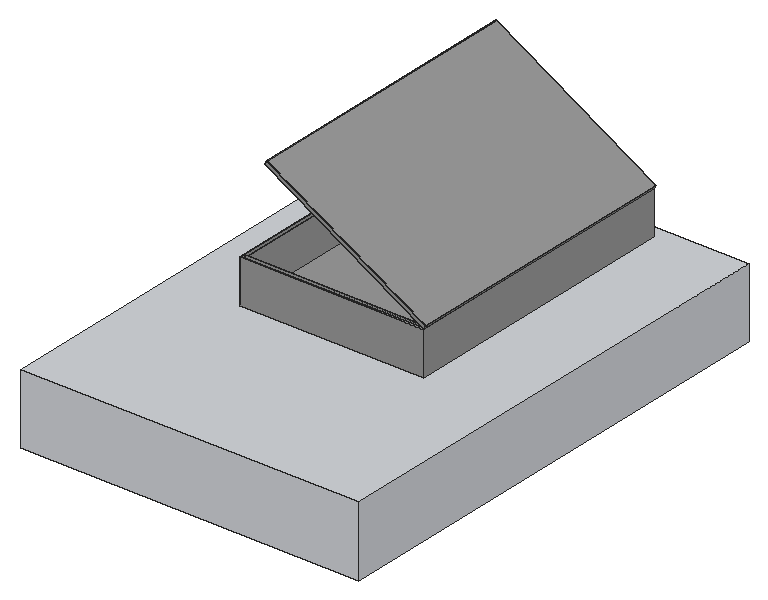
Revit family "Hager-Univers-IP44-D205-H1250-Cl.II-Encl-CH-en", category Equipement électrique, Revit 2020
Family settings
  Hôte = Face
  Configuration du panneau = Deux colonnes, circuits au sein
  Cote de connecteur circulaire = Utiliser le diamètre
  Type d'élément = Tableau de raccordement
  Couper avec des vides une fois chargée = Non
  Partagée = Non
  Point de calcul de pièce = Non
Parameters (values of type "Surface mounted (plaster) IP44 W800 H1250 D205  - FP83QS")
  Width Control [instance] = if([EF000008 - Width] > Min Width, [EF000008 - Width], Min Width)  # 800 mm
  Commentaires du type = [HG000003 - Range]  # "Univers"
  Thickness Door [instance] = if([EF009171 - Material plate thickness door/cover] > 3 mm, 3 mm, [EF009171 - Material plate thickness door/cover])  # 1 mm
  Seal Frame Offset [instance] = 17 mm  # constant formula
  Plinth Visibility [instance] = [HG000027 - Plinth height] > 0 mm  # no
  Model = ""
  Min Width [instance] = 100 mm  # constant formula
  Min Height [instance] = 100 mm  # constant formula
  Min Depth [instance] = (2 * [EF009170 - Material plate thickness cabinet]) + 1 mm  # 3 mm
  Internal Frame Depth [instance] = (Door System Depth * 0.5)  # 9 mm
  Height Control [instance] = if([EF000040 - Height] > Min Height, [EF000040 - Height], Min Height)  # 1250 mm
  HG000027 - Plinth height = 0 mm
  HG000026 - Floor standing = no
  HG000024 - Bottom section height = 800 mm
  HG000023 - Double section enclosure = no
  HG000016 - Door 3d visibility [instance] = yes
  HG000015 - Clearance visibility [instance] = no
  HG000014 - Door on the right [instance] = yes
  HG000013 - Door on the left [instance] = not([HG000014 - Door on the right])  # no
  HG000012 - Door swing angle [instance] = 30.00°
  HG000010 - Asymmetric doors = no
  HG000009 - Double swing door = no
  HG000006 - Flush mounted = no
  HG000004 - Manufacturer reference = "FP83QS"
  HG000003 - Range = "Univers"
  HG000002 - With door or cover = yes
  Frame Offset Bottom [instance] = 10 mm  # constant formula
  Frame Offset [instance] = 15 mm  # constant formula
  EF015940 - Cover with overpressure release = no
  EF011959 - Degree of protection (NEMA) = ""
  EF009554 - Number of openings for flange plates = 6
  EF009212 - Cover model = "EV000116 - Closed"
  EF009171 - Material plate thickness door/cover = 1 mm
  EF009170 - Material plate thickness cabinet = 1 mm
  Fabricant = "Hager"  # constant formula
  EF008873 - Nominal current (In) = 250 A
  EF007800 - Suitable for lightning protection = no
  EF006306 - With lock = no
  EF006244 - Transparent cover/door = no
  EF005474 - Degree of protection (IP) = "EV006418 - IP44"
  EF004464 - Type of door = "EV002646 - Single"
  EF004427 - Number of modules = 288
  EF004293 - Impact strength = "EV006815 - IK09"
  EF003532 - Suitable for outdoor use = no
  EF002950 - Width in number of modular spacings = 36
  EF001613 - Circuit integrity = "EV000494 - None"
  EF001596 - Material housing = "EV000179 - Steel"
  EF001131 - Internal depth = 143 mm
  EF001088 - Extension possible = yes
  EF000437 - Number of conduit inlets = 6
  EF000339 - Type of cover = "EV001012 - Cover"
  EF000266 - Number of rows = 8
  EF000218 - Built-in depth = 0 mm
  EF000118 - With mounting plate = no
  EF000116 - RAL-number = "9010"
  EF000049 - Depth = 205 mm
  EF000040 - Height = 1250 mm
  EF000008 - Width = 800 mm
  EF000007 - Colour = "EV000202 - White"
  EF000003 - Mounting method = "EV000384 - Surface mounted (plaster)"
  Door System Leaf Tolerance [instance] = 1.5 mm  # constant formula
  Door System Depth [instance] = 18 mm  # constant formula
  Door Height [instance] = Height Control - [HG000027 - Plinth height]  # 1250 mm
  Depth Control [instance] = if([EF000049 - Depth] > Min Depth, [EF000049 - Depth], Min Depth)  # 205 mm
  Default Elevation = 0 mm
  Connector Offset [instance] = Height Control / 2  # 625 mm
  Bottom Top Plate Trim [instance] = 1.5 mm  # constant formula
  Plinth height Ctrl [instance] = if([HG000027 - Plinth height] > 0 mm, [HG000027 - Plinth height], 12 mm)  # 12 mm
Types (5, lengths in mm): name | Width Control | HG000009 - Double swing door | HG000004 - Manufacturer reference | EF009554 - Number of openings for flange plates | EF004464 - Type of door | EF004427 - Number of modules | EF002950 - Width in number of modular spacings | EF000437 - Number of conduit inlets | EF000008 - Width
  Surface mounted (plaster) IP44 W1050 H1250 D205  - FP84QS | 1050 | yes | "FP84QS" | 8 | "EV003602 - Double" | 384 | 48 | 8 | 1050
  Surface mounted (plaster) IP44 W1300 H1250 D205  - FP85QS | 1300 | yes | "FP85QS" | 10 | "EV003602 - Double" | 480 | 60 | 10 | 1300
  Surface mounted (plaster) IP44 W300 H1250 D205  - FP81QS | 300 | no | "FP81QS" | 2 | "EV002646 - Single" | 96 | 12 | 2 | 300
  Surface mounted (plaster) IP44 W550 H1250 D205  - FP82QS | 550 | no | "FP82QS" | 4 | "EV002646 - Single" | 192 | 24 | 4 | 550
  Surface mounted (plaster) IP44 W800 H1250 D205  - FP83QS | 800 | no | "FP83QS" | 6 | "EV002646 - Single" | 288 | 36 | 6 | 800
Reference planes
  plane 1 "Center (Front/Back)": y = 0
  plane 2: z = 0
  plane 3 "Center (Left/Right)": x = 0
  plane 4: z = 205
  plane 5: y = 1
  plane 6: y = 625
  plane 7: y = 0
  plane 8: y = 1250
  plane 9: z = 0
  plane 10: x = -385
  plane 11: x = 385
  plane 12: x = 384
  plane 13: x = -384
  plane 14: y = 1249
  plane 15: x = -383
  plane 16: x = -400
  plane 17: x = 383
  plane 18: x = 400
  plane 19: x = 399
  plane 20: x = -399
  plane 21: y = 11
  plane 22: y = 1250
  plane 23: y = 1234
  plane 24: z = 187
  plane 25: z = 1
  plane 26: z = 186
  plane 27: z = 204
Forms (mm)
  Extrusion 1, solid
    sketch origin (0, 0, 0) x (1, 0, 0) y (0, 1, 0)
      loop
        line (-702.964, 1305) -> (-702.964, -811.445) -> (766.763, -811.445) -> (766.763, 1305) -> (-702.964, 1305)
    from 0 to -304.8
  Extrusion 2, solid, material "Hager_Steel_RAL7035_Light_Grey", visible <- "Plinth Visibility", detail levels medium+fine
    sketch origin (0, 0, 0) x (1, 0, 0) y (0, 1, 0)
      loop
        line (-400, 0) -> (400, 0) -> (400, 12) -> (-400, 12) -> (-400, 0)
    from 0 to 187
  Extrusion 3, solid, material "Hager_Steel_RAL7035_Light_Grey", detail levels medium+fine
    sketch origin (0, 0, 0) x (1, 0, 0) y (0, 1, 0)
      loop
        line (-400, 0) -> (400, 0) -> (400, 1250) -> (-400, 1250) -> (-400, 0)
    from 0 to 187
  Extrusion 4, void
    sketch origin (0, 0, 0) x (1, 0, 0) y (0, 1, 0)
      loop
        line (-399, 1) -> (399, 1) -> (399, 1249) -> (-399, 1249) -> (-399, 1)
    from 1 to 186
  Extrusion 5, void
    sketch origin (-381.607, -4572, 187) x (0, -1, 0) y (-1, 0, 0)
      loop
        line (-4583, 2.393) -> (-5806, 2.393) -> (-5806, -765.607) -> (-4583, -765.607) -> (-4583, 2.393)
    from 0 to 1 <- "EF009170 - Material plate thickness cabinet"
  Extrusion 6, solid, material "Hager_Steel_RAL7035_Light_Grey", detail levels fine
    sketch origin (0, 0, 187) x (1, 0, 0) y (0, 1, 0)
      loop
        line (-384, 1234) -> (-384, 11) -> (384, 11) -> (384, 1234) -> (-384, 1234)
      loop
        line (-385, 10) -> (385, 10) -> (385, 1235) -> (-385, 1235) -> (-385, 10)
    from 0 to 9 <- "Internal Frame Depth"
  Extrusion 7, solid, material "Hager_Steel_RAL7035_Light_Grey", detail levels coarse
    sketch origin (0, 0, 0) x (1, 0, 0) y (0, 1, 0)
      loop
        line (-400, 0) -> (400, 0) -> (400, 1250) -> (-400, 1250) -> (-400, 0)
    from 0 to 205
  Sweep 8, void
    path in 3D
      loop
        line (-400, 12, 0) -> (400, 12, 0) -> (400, 12, 187) -> (-400, 12, 187) -> (-400, 12, 0)
    profile origin (-400, 12, 93.5) x (-1, 0, 0) y (0, -1, 0)
      loop
        line (0, 0) -> (0, 1.5) -> (-1.5, 1.5)
        arc (-1.5, 1.5) -> (-1.061, 0.439) -> (0, 0) r 1.5
Cuts and joins
  Extrusion 4, Extrusion 5 cuts Extrusion 3
  Sweep 8 cuts Extrusion 2
Lines and regions (mm)
  Masking region 1
    outline origin (0, 0, 0) x (1, 0, 0) y (0, 0, 1)
      loop
        line (-400, 205) -> (-400, 0) -> (400, 0) -> (400, 205) -> (-400, 205)
  Masking region 2, detail levels medium+fine
    outline origin (0, 140, 0) x (0, 1, 0) y (0, 0, 1)
      loop
        line (-140, 0) -> (1110, 0) -> (1110, 187) -> (-140, 187) -> (-140, 0)
  Masking region 3, not visible, detail levels medium+fine
    outline origin (0, 297.922, 0) x (0, 1, 0) y (0, 0, 1)
      loop
        line (338.578, 0) -> (378.578, 0) -> (378.578, 194)
        arc (378.578, 194) -> (375.649, 201.071) -> (368.578, 204) r 10
        line (368.578, 204) -> (338.578, 204) -> (338.578, 0)
  Masking region 4, detail levels coarse
    outline origin (0, 0, 180) x (0, 1, 0) y (0, 0, 1)
      loop
        line (0, -180) -> (1250, -180) -> (1250, 25) -> (0, 25) -> (0, -180)
  Masking region 5, visible <- "Plinth Visibility", detail levels medium+fine
    outline origin (0, 52.24, 12.345) x (0, 0, -1) y (0, 1, 0)
      loop
        line (10.845, -40.24) -> (-173.155, -40.24)
        arc (-173.155, -40.24) -> (-173.594, -41.301) -> (-174.655, -41.74) r 1.5
        line (-174.655, -41.74) -> (-174.655, -52.24) -> (12.345, -52.24) -> (12.345, -41.74)
        arc (12.345, -41.74) -> (11.285, -41.301) -> (10.845, -40.24) r 1.5
  Masking region 6, detail levels medium+fine
    outline origin (-381.607, -4572, 187) x (-1, 0, 0) y (0, -1, 0)
      loop
        line (18.393, -5822) -> (18.393, -4572) -> (-781.607, -4572) -> (-781.607, -5822) -> (18.393, -5822)
  Masking region 7, visible <- "Plinth Visibility", detail levels medium+fine
    outline origin (-381.607, -4727, 187) x (-1, 0, 0) y (0, -1, 0)
      loop
        arc (16.893, -4739) -> (17.332, -4737.939) -> (18.393, -4737.5) r 1.5
        line (18.393, -4737.5) -> (18.393, -4727) -> (-781.607, -4727) -> (-781.607, -4737.5)
        arc (-781.607, -4737.5) -> (-780.546, -4737.939) -> (-780.107, -4739) r 1.5
        line (-780.107, -4739) -> (16.893, -4739)
  Masking region 8, detail levels coarse
    outline origin (-442.548, -4669.526, 187) x (-1, 0, 0) y (0, -1, 0)
      loop
        line (-42.548, -5919.526) -> (-42.548, -4669.526) -> (-842.548, -4669.526) -> (-842.548, -5919.526) -> (-42.548, -5919.526)
  sketch lines
    curve 1: line (-400, 12, 187) -> (-400, 12, 0)
    curve 2: line (400, 12, 187) -> (-400, 12, 187)
    curve 3: line (400, 12, 187) -> (400, 12, 0)
    curve 4: line (-400, 12, 0) -> (400, 12, 0)
Dimensions and locks
  "Depth Control": plane 4 to Extrusion 1
  "HG000027 - Plinth height": plane 1 "Center (Front/Back)" to plane 7
  "EF009170 - Material plate thickness cabinet": plane 5 to plane 7
  locked: connector elem to plane 3 "Center (Left/Right)"
  equal spacing: plane 8, plane 6, plane 7
  locked: connector elem to plane 6
  "EF009170 - Material plate thickness cabinet": plane 8 to plane 14
  "EF009170 - Material plate thickness cabinet": plane 10 to plane 13
  "EF009170 - Material plate thickness cabinet": plane 12 to plane 11
  "Frame Offset": plane 20 to plane 13
  "Frame Offset": plane 12 to plane 19
  "EF009170 - Material plate thickness cabinet": plane 16 to plane 20
  "EF009170 - Material plate thickness cabinet": plane 19 to plane 18
  "Seal Frame Offset": plane 16 to plane 15
  "Seal Frame Offset": plane 17 to plane 18
  "Frame Offset Bottom": plane 21 to plane 5
  "Frame Offset": plane 14 to plane 23
  equal spacing: plane 16, plane 3 "Center (Left/Right)", plane 18
  "Width Control": plane 16 to plane 18
  "EF009170 - Material plate thickness cabinet": plane 4 to plane 27
  "EF009170 - Material plate thickness cabinet": plane 24 to plane 26
  "EF009170 - Material plate thickness cabinet": plane 25 to level
  "Door System Depth": plane 4 to plane 24
  "Height Control": plane 1 "Center (Front/Back)" to Extrusion 7 sketch curve
  "Height Control": Masking region 4 sketch curve to plane 1 "Center (Front/Back)"
  "Height Control": plane 1 "Center (Front/Back)" to plane 22
  "Bottom Top Plate Trim": profile plane to Sweep 8 sketch curve
  "Bottom Top Plate Trim": Sweep 8 sketch curve to profile plane
  "Plinth height Ctrl": plane 1 "Center (Front/Back)" to Extrusion 2 sketch curve
  "Plinth height Ctrl": Masking region 5 sketch curve to plane 1 "Center (Front/Back)"
  "Plinth height Ctrl": plane 1 "Center (Front/Back)" to Masking region 7 sketch curve
  "Thickness Door": Extrusion 6 sketch curve to Extrusion 6 sketch curve  (x3)
  "Thickness Door": cut or joined group of Extrusion 3, Extrusion 4, Extrusion 5 to Extrusion 6 sketch curve
  radius of Masking region 3 sketch curve = 10 mm
  "Bottom Top Plate Trim": radius of Masking region 5 sketch curve  (x2)
  "Bottom Top Plate Trim": radius of Sweep 8 sketch curve
  "Bottom Top Plate Trim": radius of Masking region 7 sketch curve  (x2)
  aligned and locked: plane 2 to Extrusion 1
  aligned and locked: level to Extrusion 1
  aligned and locked: level to Masking region 1 sketch curve
  aligned and locked: Masking region 1 sketch curve to plane 18
  aligned and locked: Masking region 1 sketch curve to plane 16
  aligned and locked: plane 7 to Masking region 2 sketch curve
  aligned and locked: level to Masking region 3 sketch curve
  aligned and locked: Masking region 3 sketch curve to plane 27
  aligned and locked: level to Masking region 2 sketch curve
  aligned and locked: plane 1 "Center (Front/Back)" to Extrusion 2 sketch curve
  aligned and locked: Extrusion 3 sketch curve to plane 7
  aligned and locked: plane 16 to Extrusion 3 sketch curve
  aligned and locked: plane 18 to Extrusion 3 sketch curve
  aligned and locked: plane 20 to Extrusion 4 sketch curve
  aligned and locked: plane 19 to Extrusion 4 sketch curve
  aligned and locked: Extrusion 4 sketch curve to plane 5
  aligned and locked: Extrusion 4 to plane 25
  aligned and locked: plane 26 to Extrusion 4
  aligned and locked: plane 24 to Extrusion 3
  aligned and locked: Extrusion 5 sketch curve to plane 21
  aligned and locked: Extrusion 5 sketch curve to plane 13
  aligned and locked: Extrusion 5 sketch curve to plane 12
  aligned and locked: plane 18 to Extrusion 7 sketch curve
  aligned and locked: plane 1 "Center (Front/Back)" to Extrusion 7 sketch curve
  aligned and locked: plane 16 to Extrusion 7 sketch curve
  aligned and locked: plane 4 to Extrusion 7
  aligned and locked: Extrusion 7 to level
  aligned and locked: level to Masking region 4 sketch curve
  aligned and locked: Masking region 4 sketch curve to plane 1 "Center (Front/Back)"
  aligned and locked: Masking region 4 sketch curve to plane 4
  aligned and locked: nested 1 to level
  aligned and locked: nested 1 to plane 16
  aligned and locked: plane 8 to Extrusion 3 sketch curve
  aligned and locked: plane 23 to Extrusion 5 sketch curve
  aligned and locked: plane 14 to Extrusion 4 sketch curve
  aligned and locked: Masking region 2 sketch curve to plane 8
  aligned and locked: level to Masking region 5 sketch curve
  aligned and locked: plane 16 to Extrusion 2 sketch curve
  aligned and locked: plane 18 to Extrusion 2 sketch curve
  aligned and locked: Masking region 5 sketch curve to plane 24
  aligned and locked: Masking region 2 sketch curve to plane 24
  aligned and locked: plane 24 to Extrusion 2
  aligned and locked: profile plane to Sweep 8 sketch curve  (x2)
  aligned and locked: Masking region 6 sketch curve to plane 18
  aligned and locked: Masking region 6 sketch curve to plane 22
  aligned and locked: Masking region 6 sketch curve to plane 16
  aligned and locked: plane 8 to plane 22
  aligned and locked: Masking region 6 sketch curve to plane 7
  aligned and locked: Masking region 7 sketch curve to plane 16
  aligned and locked: Masking region 7 sketch curve to plane 1 "Center (Front/Back)"
  aligned and locked: Masking region 7 sketch curve to plane 18
  aligned and locked: Masking region 8 sketch curve to plane 1 "Center (Front/Back)"
  aligned and locked: Masking region 8 sketch curve to plane 18
  aligned and locked: Masking region 8 sketch curve to plane 22
  aligned and locked: Masking region 8 sketch curve to plane 16
  aligned and locked: nested 2 to plane 7
  aligned and locked: plane 3 "Center (Left/Right)" to nested 2
  aligned and locked: nested 2 to plane 24
  aligned and locked: Extrusion 6 sketch curve to cut or joined group of Extrusion 3, Extrusion 4, Extrusion 5  (x4)
Automatic sketch dimensions
  Extrusion 1 sketch curve to Extrusion 1 sketch curve = 1469.727 mm
  Extrusion 1 sketch curve to Extrusion 1 sketch curve = 2116.445 mm
  Masking region 1 sketch curve to plane 4 = 0 mm
  plane 6 to Masking region 3 sketch curve = 11.5 mm
  Masking region 3 sketch curve to Masking region 3 sketch curve = 30 mm
  Masking region 5 sketch curve to plane 1 "Center (Front/Back)" = 0 mm
Nested families
  nested 1: "Hager_Enclosure_Symbol" at (-400, 0, 0) x (1, 0, 0) z (0, -1, 0), Height <- "Depth Control", Width <- "Width Control", type "Hager_Enclosure_Symbol"
    with Width_Ctrl 800 mm, Width 800 mm, Height_Ctrl 205 mm, Height 205 mm, A_Width_Int 13.453 mm, A_Width 161.438 mm, A_Height_Ctrl 179.375 mm, A_Height 179.375 mm
  nested 2: "EC000058_Univers_Door" at (0, 0, 187) x (1, 0, 0) z (0, 1, 0), Leaf_Tolerance <- "Door System Leaf Tolerance", Angle <- "HG000012 - Door swing angle", Door_Depth <- "Door System Depth", Door_Left <- "HG000013 - Door on the left", Transparent <- "EF006244 - Transparent cover/door", Assymetrical <- "HG000010 - Asymmetric doors", Width <- "Width Control", Clearance <- "HG000015 - Clearance visibility", Double <- "HG000009 - Double swing door", 3d_Door <- "HG000016 - Door 3d visibility", Lock_Visibility <- "EF006306 - With lock", Width_Ctrl <- "Width Control", Door_Right <- "HG000014 - Door on the right", Door <- "HG000002 - With door or cover", Height <- "Door Height", Thickness <- "Thickness Door", type "EC000058_Univers_Door", detail levels medium+fine
    with min_wh 3 mm, Width_Ctrl 800 mm, Width 800 mm, Transparent no, Thickness 1 mm, Seal_Material Hager_Rubber, Lock_Visibility no, Lock_Material Hager_Plastic_RAL9005_Jet_Black, Leaf_Width 800 mm, Leaf_Tolerance_External_Sides 0 mm, Leaf_Tolerance 1.5 mm, Leaf_Offset 0 mm, Leaf_Height 1247 mm, Leaf_2_Width 800 mm, Leaf_2_Offset 400 mm, Leaf_1_Width 800 mm, Leaf_1_Offset 400 mm, Height_Ctrl 1250 mm, Height 1250 mm, Glass_Material Hager_Glass, Double_Clearance_Ctrl no, Double no, Door_Right_Ctrl yes, Door_Right yes, Door_Material Hager_Steel_RAL7035_Light_Grey, Door_Left_Ctrl no, Door_Left no, Door_Depth 18 mm, Door yes, Clearance_Material Hager_Clearance, Clearance_Depth 800 mm, Clearance_Ctrl no, Clearance no, Assymetrical no, Angle 30.00°, 3d_Door yes
Connectors
  electrical at (0, 625, 0)
    settings: on plane 9, index 1, voltage 0 V, apparent load 0 VA, apparent load phase1 0 VA, apparent load phase2 0 VA, apparent load phase3 0 VA, power factor 1, load classification "Other", number of poles 1, system type 30, power factor state 1, is connector primary yes, connector utility no, sub classification motor no, connector description ""
Definition of nested family "EC000058_Univers_Door"
  Parameters (values of type "EC000058_Univers_Door")
    min_wh [instance] = (2 * Thickness) + 1 mm  # 11 mm
    Width_Ctrl [instance] = 400 mm
    Width [instance] = 500 mm
    Transparent [instance] = yes
    Thickness [instance] = 5 mm
    Seal_Material [instance] = none
    Lock_Visibility [instance] = yes
    Lock_Material [instance] = none
    Leaf_Width [instance] = if((Width_Ctrl - 2 * Leaf_Tolerance_External_Sides) > 0 mm, (Width_Ctrl - 2 * Leaf_Tolerance_External_Sides), min_wh)  # 400 mm
    Leaf_Tolerance_External_Sides [instance] = 0 mm  # constant formula
    Leaf_Tolerance [instance] = 1.5 mm
    Leaf_Offset [instance] = 0 mm  # constant formula
    Leaf_Height [instance] = if((Height_Ctrl - 2 * Leaf_Tolerance) > 0 mm, (Height_Ctrl - 2 * Leaf_Tolerance), min_wh)  # 497 mm
    Leaf_2_Width [instance] = if(and(and(Double, Assymetrical), Door_Left), (Leaf_Width / 3) - (Leaf_Tolerance / 2), if(and(and(Double, Assymetrical), Door_Right), (Leaf_Width / 3) * 2 - (Leaf_Tolerance / 2), if(and(Double, not(Assymetrical)), (Leaf_Width / 2) - Leaf_Tolerance, Leaf_Width)))  # 400 mm
    Leaf_2_Offset [instance] = if(and(Double, Assymetrical), Leaf_2_Width / 2, if(and(Double, not(Assymetrical)), Leaf_Width / 4, Leaf_Width / 2))  # 200 mm
    Leaf_1_Width [instance] = if(and(and(Double, Assymetrical), Door_Right), (Leaf_Width / 3) - (Leaf_Tolerance / 2), if(and(and(Double, Assymetrical), Door_Left), (Width / 3) * 2 - (Leaf_Tolerance / 2), if(and(Double, not(Assymetrical)), (Leaf_Width / 2) - Leaf_Tolerance, Leaf_Width)))  # 400 mm
    Leaf_1_Offset [instance] = if(and(Double, Assymetrical), Leaf_1_Width / 2, if(and(Double, not(Assymetrical)), Leaf_Width / 4, Leaf_Width / 2))  # 200 mm
    Height_Ctrl [instance] = if(Height > min_wh, Height, min_wh)  # 500 mm
    Height [instance] = 500 mm
    Glass_Material [instance] = none
    Double_Clearance_Ctrl [instance] = and(Double, Clearance)  # no
    Double [instance] = no
    Door_Right_Ctrl [instance] = and(or(Door_Right, Double), Door)  # yes
    Door_Right [instance] = yes
    Door_Material [instance] = none
    Door_Left_Ctrl [instance] = and(or(Door_Left, Double), Door)  # no
    Door_Left [instance] = no
    Door_Depth [instance] = 30 mm
    Door [instance] = yes
    Default Elevation = 1219.2 mm
    Clearance_Material [instance] = none
    Clearance_Depth [instance] = if(Leaf_1_Width > Leaf_2_Width, Leaf_1_Width, Leaf_2_Width)  # 400 mm
    Clearance_Ctrl [instance] = and(not(Double), Clearance)  # yes
    Clearance [instance] = yes
    Assymetrical [instance] = yes
    Angle [instance] = 30.00°
    3d_Door [instance] = yes
  Reference planes
    plane 1 "Center (Front/Back)": y = 0
    plane 2 "Bottom": z = 0
    plane 3 "Center (Left/Right)": x = 0
    plane 4: z = 500
    plane 5: x = -200
    plane 6: x = 200
    plane 7: z = 500
    plane 8: x = -200
    plane 9: z = 0
    plane 10: x = 200
    plane 11: y = 0
    plane 12: z = 1.5
    plane 13: x = -600
    plane 14: y = -400
    plane 15: x = 600
    plane 16: x = 0
    plane 17: x = 0
    plane 18: x = -200
    plane 19: x = 200
    plane 20: z = 498.5
  Forms (mm)
    Extrusion 1, solid, material <- "Clearance_Material", visible <- "Double_Clearance_Ctrl"
      sketch origin (1200, 0, 0) x (1, 0, 0) y (0, 0, -1)
        loop
          line (-1800, -498.5) -> (-600, -498.5) -> (-600, 0) -> (-1800, 0) -> (-1800, -498.5)
      from 0 to -400
  Dimensions and locks
    equal spacing: plane 5, plane 3 "Center (Left/Right)", plane 6
    "Width_Ctrl": plane 5 to plane 6
    "Leaf_Offset": plane 5 to plane 8
    "Leaf_Offset": plane 6 to plane 10
    "Leaf_Offset": plane 9 to level
    "Leaf_Offset": plane 4 to plane 7
    "Height_Ctrl": plane 4 to level
    "Leaf_Tolerance": plane 12 to plane 9
    locked: plane 11 to plane 1 "Center (Front/Back)"
    "Leaf_1_Offset": plane 18 to plane 16
    "Leaf_2_Offset": plane 17 to plane 19
    "Leaf_1_Width": plane 13 to plane 8
    "Leaf_2_Width": plane 10 to plane 15
    "Clearance_Depth": plane 14 to plane 1 "Center (Front/Back)"
    "Leaf_Tolerance_External_Sides": plane 8 to plane 18
    "Leaf_Tolerance_External_Sides": plane 19 to plane 10
    "Leaf_Tolerance": plane 7 to plane 20
    aligned and locked: level to plane 2 "Bottom"
    aligned and locked: nested 1 to plane 16
    aligned and locked: nested 2 to plane 17
    aligned and locked: Extrusion 1 to plane 13
    aligned and locked: plane 15 to Extrusion 1
    aligned and locked: Extrusion 1 to plane 14
    aligned and locked: plane 12 to nested 1
    aligned and locked: nested 2 to plane 12
    aligned and locked: Extrusion 1 to plane 11
    aligned and locked: plane 20 to Extrusion 1
    aligned and locked: nested 2 to plane 11
    aligned and locked: nested 1 to plane 11
  Automatic sketch dimensions
    Extrusion 1 sketch curve to level = 0 mm
    plane 5 to Extrusion 1 sketch curve = 400 mm
    plane 6 to Extrusion 1 sketch curve = 400 mm
    Extrusion 1 sketch curve to plane 4 = 1.5 mm
  Nested families
    nested 1: "EC000058_Univers_Door_Leaf" at (0, 0, 1.5), Width <- "Leaf_1_Width", visible <- "Door_Left_Ctrl", Leaf_Height <- "Leaf_Height", Angle <- "Angle", 3d_Door <- "3d_Door", Transparent <- "Transparent", Clearance Material <- "Clearance_Material", Clearance <- "Clearance_Ctrl", Door_Material <- "Door_Material", Glass_Material <- "Glass_Material", Door_Depth <- "Door_Depth", Lock_Material <- "Lock_Material", Seal_Material <- "Seal_Material", Lock_Visibility <- "Lock_Visibility", Thickness <- "Thickness", type "EC000058_Univers_Door_Leaf"
      with Width 400 mm, Transparent_Glass_Offset 30 mm, Transparent_Ctrl yes, Transparent yes, Thickness 5 mm, Standard no, Seal_Material none, Seal_D2 8 mm, Seal_D1 1 mm, Offset_Internal_Frame 10 mm, Lock_Width 20 mm, Lock_Visibility_3d yes, Lock_Visibility yes, Lock_Thickness_3 3 mm, Lock_Thickness_2 1 mm, Lock_Thickness_1 3 mm, Lock_Radius_Offset_2 16 mm, Lock_Radius_Offset_1 15 mm, Lock_Radius_2 5 mm, Lock_Radius 6 mm, Lock_Offset 5 mm, Lock_Material none, Lock_Height 80 mm, Lock_Cover_Top_Offset_2d 17 mm, Lock_Cover_Height -65 mm, Leaf_Height 497 mm, Internal_Seal_Thickness 8 mm, Internal_Seal_Depth_2 4.5 mm, Internal_Frame_Depth 25 mm, Glass_Thickness -1 mm, Glass_Offset -2 mm, Glass_Material none, Door_Material none, Door_Depth 30 mm, Clearance Material none, Clearance yes, Angle_Ctrl 30.00°, Angle 30.00°, 3d_Door yes
    nested 2: "EC000058_Univers_Door_Leaf" at (0, 0, 1.5) x (-1, 0, 0) z (0, 0, 1), Width <- "Leaf_2_Width", visible <- "Door_Right_Ctrl", Leaf_Height <- "Leaf_Height", Angle <- "Angle", 3d_Door <- "3d_Door", Transparent <- "Transparent", Clearance Material <- "Clearance_Material", Clearance <- "Clearance_Ctrl", Door_Material <- "Door_Material", Glass_Material <- "Glass_Material", Door_Depth <- "Door_Depth", Lock_Material <- "Lock_Material", Seal_Material <- "Seal_Material", Lock_Visibility <- "Lock_Visibility", Thickness <- "Thickness", type "EC000058_Univers_Door_Leaf"
      with Width 400 mm, Transparent_Glass_Offset 30 mm, Transparent_Ctrl yes, Transparent yes, Thickness 5 mm, Standard no, Seal_Material none, Seal_D2 8 mm, Seal_D1 1 mm, Offset_Internal_Frame 10 mm, Lock_Width 20 mm, Lock_Visibility_3d yes, Lock_Visibility yes, Lock_Thickness_3 3 mm, Lock_Thickness_2 1 mm, Lock_Thickness_1 3 mm, Lock_Radius_Offset_2 16 mm, Lock_Radius_Offset_1 15 mm, Lock_Radius_2 5 mm, Lock_Radius 6 mm, Lock_Offset 5 mm, Lock_Material none, Lock_Height 80 mm, Lock_Cover_Top_Offset_2d 17 mm, Lock_Cover_Height -65 mm, Leaf_Height 497 mm, Internal_Seal_Thickness 8 mm, Internal_Seal_Depth_2 4.5 mm, Internal_Frame_Depth 25 mm, Glass_Thickness -1 mm, Glass_Offset -2 mm, Glass_Material none, Door_Material none, Door_Depth 30 mm, Clearance Material none, Clearance yes, Angle_Ctrl 30.00°, Angle 30.00°, 3d_Door yes
  Definition of nested family "EC000058_Univers_Door_Leaf"
    Parameters (values of type "EC000058_Univers_Door_Leaf")
      Width [instance] = 2000 mm
      Transparent_Glass_Offset [instance] = 30 mm
      Transparent_Ctrl [instance] = and(Transparent, [3d_Door])  # yes
      Transparent [instance] = yes
      Thickness [instance] = 5 mm
      Standard [instance] = and(not(Transparent), [3d_Door])  # no
      Seal_Material [instance] = none
      Seal_D2 [instance] = 8 mm  # constant formula
      Seal_D1 [instance] = 1 mm  # constant formula
      Offset_Internal_Frame [instance] = 10 mm  # constant formula
      Lock_Width [instance] = 20 mm  # constant formula
      Lock_Visibility_3d [instance] = and(Lock_Visibility, [3d_Door])  # yes
      Lock_Visibility [instance] = yes
      Lock_Thickness_3 [instance] = 3 mm  # constant formula
      Lock_Thickness_2 [instance] = 1 mm  # constant formula
      Lock_Thickness_1 [instance] = 3 mm  # constant formula
      Lock_Radius_Offset_2 [instance] = Lock_Radius_Offset_1 + 1 mm  # 16 mm
      Lock_Radius_Offset_1 [instance] = 15 mm  # constant formula
      Lock_Radius_2 [instance] = Lock_Radius - 1 mm  # 5 mm
      Lock_Radius [instance] = 6 mm  # constant formula
      Lock_Offset [instance] = 5 mm  # constant formula
      Lock_Material [instance] = none
      Lock_Height [instance] = 80 mm  # constant formula
      Lock_Cover_Top_Offset_2d [instance] = Lock_Radius_Offset_2 + 1 mm  # 17 mm
      Lock_Cover_Height [instance] = -(Lock_Height - Lock_Radius_Offset_1)  # -65 mm
      Leaf_Height [instance] = 2720.336 mm
      Internal_Seal_Thickness [instance] = 8 mm  # constant formula
      Internal_Seal_Depth_2 [instance] = 4.5 mm  # constant formula
      Internal_Frame_Depth [instance] = if(Door_Depth - Thickness > 5 mm, Door_Depth - Thickness, 5 mm)  # 25 mm
      Glass_Thickness [instance] = if(Thickness > 15 mm, Glass_Offset + 10 mm, -1 mm)  # -1 mm
      Glass_Offset [instance] = if(Thickness > 15 mm, -(Thickness + 10 mm) / 2, -2 mm)  # -2 mm
      Glass_Material [instance] = none
      Door_Material [instance] = none
      Door_Depth [instance] = 30 mm
      Default Elevation = 0 mm
      Clearance Material [instance] = none
      Clearance [instance] = yes
      Angle_Ctrl [instance] = if(Angle > 180.00°, 180.00°, Angle)  # 90.00°
      Angle [instance] = 90.00°
      3d_Door [instance] = yes
    Reference planes
      plane 1 "Center (Front/Back)": y = 0
      plane 2: z = 0
      plane 3 "Center (Left/Right)": x = 0
      plane 4: y = 2000
      plane 5: x = -1000
      plane 6: x = 1000
      plane 7: x = -3000
      plane 8: z = 2720.336
      plane 9: z = 30
      plane 10: z = 2690.336
      plane 11: x = 970
      plane 12: x = -970
      plane 13: y = -3
      plane 14: z = 107.833
      plane 15: y = -5
      plane 16: y = -223.314
      plane 17: x = -1000
      plane 18: z = 1360.168
      plane 19: y = 30
    Forms (mm)
      Extrusion 1, solid, material <- "Clearance Material", visible <- "Clearance"
        sketch origin (0, 0, 0) x (1, 0, 0) y (0, 0, 1)
          loop
            line (-3000, 2720.336) -> (-3000, 0) -> (1000, 0) -> (1000, 2720.336) -> (-3000, 2720.336)
        from 0 to -2000
      Extrusion 2, solid, material <- "Door_Material", visible <- "Standard", detail levels medium+fine
        sketch origin (-1000, 0, 0) x (0, 1, 0) y (-1, 0, 0)
          loop
            line (0, 30) -> (0, 25) -> (2000, 25) -> (2000, 30) -> (0, 30)
        from 0 to 2720.336 <- "Leaf_Height"
      Extrusion 3, solid, material <- "Door_Material", visible <- "Transparent_Ctrl", detail levels medium+fine
        sketch origin (-1000, 0, 0) x (0, 1, 0) y (-1, 0, 0)
          loop
            line (0, 25) -> (2000, 25) -> (2000, 30) -> (0, 30) -> (0, 25)
        from 0 to 2720.336 <- "Leaf_Height"
      Extrusion 4, void
        sketch origin (-1025, 2000, 0) x (0, 1, 0) y (0, 0, -1)
          loop
            line (-30, -2690.336) -> (-30, -30) -> (-1970, -30) -> (-1970, -2690.336) -> (-30, -2690.336)
        from 0 to 5 <- "Thickness"
      Sweep 5, solid, material <- "Seal_Material", visible <- "Transparent_Ctrl", detail levels fine
        path in 3D
          loop
            line (-1025, 30, 30) -> (-1025, 30, 2690.336) -> (-1025, 1970, 2690.336) -> (-1025, 1970, 30) -> (-1025, 30, 30)
        profile origin (-1025, 1000, 30) x (1, 0, 0) y (0, 0, 1)
          loop
            line (0, 0) -> (0, -8) -> (1, -8) -> (1, 0) -> (0, 0)
      Extrusion 6, solid, material <- "Glass_Material", visible <- "Transparent_Ctrl", detail levels medium+fine
        sketch origin (-1030, 0, 0) x (0, 1, 0) y (0, 0, -1)
          loop
            line (1970, -2690.336) -> (1970, -30) -> (30, -30) -> (30, -2690.336) -> (1970, -2690.336)
        from -2 <- "Glass_Offset" to -1 <- "Glass_Thickness"
      Extrusion 7, solid, material <- "Door_Material", visible <- "3d_Door", detail levels medium+fine
        sketch origin (-1025, 2000, 0) x (0, -1, 0) y (0, 0, -1)
          loop
            line (0, -2720.336) -> (2000, -2720.336) -> (2000, 0) -> (0, 0) -> (0, -2720.336)
          loop
            line (1995, -5) -> (5, -5) -> (5, -2715.336) -> (1995, -2715.336) -> (1995, -5)
        from 0 to 25 <- "Internal_Frame_Depth"
      Sweep 8, solid, material <- "Seal_Material", visible <- "Transparent_Ctrl", detail levels fine
        path in 3D
          loop
            line (-1025, 0, 0) -> (-1025, 2000, 0) -> (-1025, 2000, 2720.336) -> (-1025, 0, 2720.336) -> (-1025, 0, 0)
        profile origin (-1025, 0, 1360.168) x (1, 0, 0) y (0, 1, 0)
          loop
            line (0, 10) -> (2.975, 10)
            arc (2.975, 10) -> (4.053, 10.447) -> (4.5, 11.525) r 1.525
            line (4.5, 11.525) -> (4.5, 16.527)
            arc (4.5, 16.527) -> (4.069, 17.569) -> (3.027, 18) r 1.473
            line (3.027, 18) -> (0, 18) -> (0, 10)
      Extrusion 9, solid, material <- "Lock_Material", visible <- "Lock_Visibility_3d", detail levels fine
        sketch origin (-1030, 0, 0) x (0, 1, 0) y (0, 0, -1)
          loop
            arc (1993.5, -1400.168) -> (1994.561, -1399.729) -> (1995, -1398.668) r 1.5
            line (1995, -1398.668) -> (1995, -1320.168) -> (1975, -1320.168) -> (1975, -1398.668)
            arc (1975, -1398.668) -> (1975.439, -1399.729) -> (1976.5, -1400.168) r 1.5
            line (1976.5, -1400.168) -> (1993.5, -1400.168)
        from 3 <- "Lock_Thickness_1" to 0
      Blend 10, solid, material <- "Lock_Material", visible <- "Lock_Visibility_3d", detail levels fine
        base sketch origin (-1033, 0, 0) x (0, 1, 0) y (0, 0, -1)
          loop
            line (1975, -1320.168) -> (1975, -1398.668)
            arc (1975, -1398.668) -> (1975.439, -1399.729) -> (1976.5, -1400.168) r 1.5
            line (1976.5, -1400.168) -> (1993.5, -1400.168)
            arc (1993.5, -1400.168) -> (1994.561, -1399.729) -> (1995, -1398.668) r 1.5
            line (1995, -1398.668) -> (1995, -1320.168) -> (1975, -1320.168)
        top sketch origin (-1033, 0, 0) x (0, 1, 0) y (0, 0, -1)
          loop
            line (1976, -1320.168) -> (1976, -1398.668)
            arc (1976, -1398.668) -> (1976.146, -1399.022) -> (1976.5, -1399.168) r 0.5
            line (1976.5, -1399.168) -> (1993.5, -1399.168)
            arc (1993.5, -1399.168) -> (1993.854, -1399.022) -> (1994, -1398.668) r 0.5
            line (1994, -1398.668) -> (1994, -1320.168) -> (1976, -1320.168)
        from 0 to 1 <- "Lock_Thickness_2"
      Blend 11, solid, material <- "Lock_Material", visible <- "Lock_Visibility_3d", detail levels fine
        base sketch origin (-1034, 0, 0) x (0, 1, 0) y (0, 0, -1)
          loop
            line (1978, -1320.168) -> (1978, -1384.168)
            arc (1978, -1384.168) -> (1985, -1391.168) -> (1992, -1384.168) r 7
            line (1992, -1384.168) -> (1992, -1320.168) -> (1978, -1320.168)
        top sketch origin (-1034, 0, 0) x (0, 1, 0) y (0, 0, -1)
          loop
            line (1991, -1320.168) -> (1979, -1320.168) -> (1979, -1383.168)
            arc (1979, -1383.168) -> (1985, -1389.168) -> (1991, -1383.168) r 6
            line (1991, -1383.168) -> (1991, -1320.168)
        from 0 to 3 <- "Lock_Thickness_3"
      Extrusion 12, solid, material <- "Lock_Material", visible <- "Lock_Visibility_3d", detail levels fine
        sketch origin (-1030, 1975, 1320.168) x (1, 0, 0) y (0, -1, 0)
          loop
            line (-7, -19) -> (-7, -1) -> (0, -1) -> (0, 0) -> (-8, 0) -> (-8, -20) -> (0, -20) -> (0, -19) -> (-7, -19)
        from 0 to -65 <- "Lock_Cover_Height"
      Extrusion 13, void
        sketch origin (-1038, 1995, 1320.168) x (-1, 0, 0) y (0, 0, -1)
          loop
            line (-5, -65) -> (0, -65) -> (-5, -60) -> (-5, -65)
        from 0 to 20 <- "Lock_Width"
      Extrusion 14, void
        sketch origin (-1038, 1975, 1320.168) x (0, -1, 0) y (0, 0, -1)
          loop
            circle (-10, -15.995) r 6
          loop
            circle (-10, -15.995) r 5
        from 0 to 2
      Extrusion 15, solid, material <- "Lock_Material", visible <- "Lock_Visibility_3d", detail levels medium
        sketch origin (-1030, 0, 0) x (0, 1, 0) y (0, 0, -1)
          loop
            arc (1993.5, -1400.168) -> (1994.561, -1399.729) -> (1995, -1398.668) r 1.5
            line (1995, -1398.668) -> (1995, -1320.168) -> (1975, -1320.168) -> (1975, -1398.668)
            arc (1975, -1398.668) -> (1975.439, -1399.729) -> (1976.5, -1400.168) r 1.5
            line (1976.5, -1400.168) -> (1993.5, -1400.168)
        from 8 to 0
    Cuts and joins
      Extrusion 4 cuts Extrusion 3
      Extrusion 13, Extrusion 14 cuts Extrusion 9
      Extrusion 14 cuts Blend 11
      Extrusion 13, Extrusion 14 cuts Extrusion 12
      joined: Extrusion 9, Blend 10, Blend 11, Extrusion 12
      Extrusion 14 cuts Extrusion 15
    Lines and regions (mm)
      Masking region 1, visible <- "Lock_Visibility", detail levels fine
        outline origin (0, 0, 0) x (0, 1, 0) y (0, 0, 1)
          loop
            line (30, 1320.168) -> (33, 1320.168) -> (33, 1400.168) -> (30, 1400.168) -> (30, 1320.168)
      Masking region 2, visible <- "Lock_Visibility", detail levels fine
        outline origin (0, 3.143, 0) x (0, 1, 0) y (0, 0, 1)
          loop
            line (29.857, 1354.168) -> (30.857, 1354.168) -> (30.857, 1366.168) -> (29.857, 1366.168) -> (29.857, 1354.168)
      Masking region 3, detail levels medium+fine
        outline origin (0, 0, 0) x (0, 1, 0) y (0, 0, 1)
          loop
            line (0, 0) -> (30, 0) -> (30, 2720.336) -> (0, 2720.336) -> (0, 0)
      Masking region 4, detail levels medium+fine
        outline origin (0, 0, 0) x (1, 0, 0) y (0, 0, 1)
          loop
            line (-1000, 2720.336) -> (-1000, 0) -> (1000, 0) -> (1000, 2720.336) -> (-1000, 2720.336)
      Masking region 5, visible <- "Lock_Visibility", detail levels fine
        outline origin (-47.116, 0, 0) x (1, 0, 0) y (0, 0, 1)
          loop
            arc (1024.616, 1399.168) -> (1023.556, 1398.729) -> (1023.116, 1397.668) r 1.5
            line (1023.116, 1397.668) -> (1023.116, 1320.168) -> (1041.116, 1320.168) -> (1041.116, 1397.668)
            arc (1041.116, 1397.668) -> (1040.677, 1398.729) -> (1039.616, 1399.168) r 1.5
            line (1039.616, 1399.168) -> (1024.616, 1399.168)
      Masking region 6, visible <- "Lock_Visibility", detail levels medium+fine
        outline origin (-25, 0, 0) x (1, 0, 0) y (0, 0, 1)
          loop
            arc (1001.5, 1400.168) -> (1000.439, 1399.729) -> (1000, 1398.668) r 1.5
            line (1000, 1398.668) -> (1000, 1320.168) -> (1020, 1320.168) -> (1020, 1398.668)
            arc (1020, 1398.668) -> (1019.561, 1399.729) -> (1018.5, 1400.168) r 1.5
            line (1018.5, 1400.168) -> (1001.5, 1400.168)
      Masking region 7, visible <- "Lock_Visibility", detail levels fine
        outline origin (-73.735, 0, 0) x (1, 0, 0) y (0, 0, 1)
          loop
            line (1051.735, 1382.168) -> (1065.735, 1382.168) -> (1065.735, 1384.168)
            arc (1065.735, 1384.168) -> (1058.735, 1391.168) -> (1051.735, 1384.168) r 7
            line (1051.735, 1384.168) -> (1051.735, 1382.168)
      Masking region 8, visible <- "Lock_Visibility", detail levels fine
        outline origin (-73.735, 0, 0) x (1, 0, 0) y (0, 0, 1)
          loop
            line (1052.735, 1382.168) -> (1064.735, 1382.168) -> (1064.735, 1383.168)
            arc (1064.735, 1383.168) -> (1058.735, 1389.168) -> (1052.735, 1383.168) r 6
            line (1052.735, 1383.168) -> (1052.735, 1382.168)
      Masking region 9, visible <- "Lock_Visibility", detail levels fine
        outline origin (-25, 0, 0) x (1, 0, 0) y (0, 0, 1)
          loop
            line (1020, 1320.168) -> (1020, 1382.168) -> (1000, 1382.168) -> (1000, 1320.168) -> (1020, 1320.168)
      Masking region 10, detail levels medium+fine
        outline origin (0, 0, 0) x (1, 0, 0) y (0, 0, 1)
          loop
            circle (985, 1335.144) r 6
      Masking region 11, detail levels fine
        outline origin (0, 0, 0) x (1, 0, 0) y (0, 0, 1)
          loop
            circle (985, 1335.144) r 5
      Masking region 12, visible <- "Lock_Visibility", detail levels fine
        outline origin (0, 12.767, 0) x (0, 1, 0) y (0, 0, 1)
          loop
            line (20.233, 1320.168) -> (21.233, 1320.168) -> (21.233, 1399.168) -> (20.233, 1400.168) -> (20.233, 1320.168)
      Masking region 13, visible <- "Lock_Visibility", detail levels fine
        outline origin (0, 13.767, -10) x (0, 1, 0) y (0, 0, 1)
          loop
            line (20.233, 1330.168) -> (23.233, 1330.168) -> (23.233, 1399.168) -> (20.233, 1402.168) -> (20.233, 1330.168)
      Masking region 14, visible <- "Lock_Visibility", detail levels fine
        outline origin (0, 12.767, -10) x (0, 1, 0) y (0, 0, 1)
          loop
            line (20.233, 1330.168) -> (25.233, 1330.168) -> (25.233, 1399.305) -> (20.233, 1394.305) -> (20.233, 1330.168)
      Masking region 15, visible <- "Lock_Visibility", detail levels medium
        outline origin (0, 0, 0) x (0, 1, 0) y (0, 0, 1)
          loop
            line (30, 1320.168) -> (38, 1320.168) -> (38, 1400.168) -> (30, 1400.168) -> (30, 1320.168)
      Masking region 16, visible <- "Lock_Visibility", detail levels fine
        outline origin (-1000, 0, 0) x (0, 1, 0) y (-1, 0, 0)
          loop
            line (1975, 30) -> (1995, 30) -> (1995, 38) -> (1975, 38) -> (1975, 30)
          loop
            line (1979, 37) -> (1976, 37) -> (1976, 34) -> (1978, 34) -> (1979, 37)
          loop
            line (1994, 37) -> (1991, 37) -> (1992, 34) -> (1994, 34) -> (1994, 37)
      Masking region 17, visible <- "Lock_Visibility", detail levels medium
        outline origin (-1000, 0, 0) x (0, 1, 0) y (-1, 0, 0)
          loop
            line (1975, 30) -> (1995, 30) -> (1995, 38) -> (1975, 38) -> (1975, 30)
      symbolic lines
        curve 1: line (1000, 0, 0) -> (-3000, 0, 0)
        curve 2: arc (1000, 0, 0) -> (-1000, 2000, 0) -> (-3000, 0, 0) r 2000
        curve 4: line (-1030, 0, 0) -> (-1030, 2000, 0)
      reference lines
        curve 3: line (-1000, 0, 0) -> (-1000, 2000, 0)
      symbolic lines, detail levels medium+fine
        curve 5: line (-1030, 2000, 0) -> (-1025, 2000, 0)
        curve 7: line (-1025, 0, 0) -> (-1030, 0, 0)
        curve 8: line (-1025, 0, 0) -> (-1000, 0, 0)
        curve 9: line (-1000, 0, 0) -> (-1000, 2000, 0)
        curve 10: line (-1000, 2000, 0) -> (-1025, 2000, 0)
      symbolic lines, detail levels fine
        curve 6: line (-1025, 2000, 0) -> (-1025, 0, 0)
      sketch lines
        curve 11: line (-1025, 0, 2720.336) -> (-1025, 0, 0)
        curve 12: line (-1025, 2000, 0) -> (-1025, 0, 0)
        curve 13: line (-1025, 2000, 2720.336) -> (-1025, 2000, 0)
        curve 14: line (-1025, 0, 2720.336) -> (-1025, 2000, 2720.336)
        curve 15: line (-1025, 1970, 30) -> (-1025, 30, 30)
        curve 16: line (-1025, 30, 30) -> (-1025, 30, 2690.336)
        curve 17: line (-1025, 1970, 2690.336) -> (-1025, 1970, 30)
        curve 18: line (-1025, 30, 2690.336) -> (-1025, 1970, 2690.336)
      symbolic lines, visible <- "Transparent", detail levels medium+fine
        curve 19: line (-970, 0, 2690.336) -> (970, 0, 2690.336)
        curve 20: line (-970, 0, 30) -> (-970, 0, 2690.336)
        curve 21: line (970, 0, 30) -> (-970, 0, 30)
        curve 22: line (970, 0, 2690.336) -> (970, 0, 30)
    Dimensions and locks
      "Width": plane 1 "Center (Front/Back)" to plane 4
      equal spacing: plane 5, plane 3 "Center (Left/Right)", plane 6
      "Width": plane 5 to plane 6
      "Width": plane 7 to plane 5
      "Leaf_Height": plane 8 to level
      "Width": curve 5 to curve 3
      "Width": curve 3 to curve 3
      plane 8 to plane 10 = 30 mm
      plane 9 to level = 30 mm
      plane 12 to plane 5 = 30 mm
      plane 6 to plane 11 = 30 mm
      Extrusion 1 to Extrusion 4 sketch curve = 30 mm
      "Transparent_Glass_Offset": curve 3 to Extrusion 4 sketch curve
      "Transparent_Glass_Offset": Extrusion 4 sketch curve to cut or joined group of Extrusion 3, Extrusion 4  (x2)
      cut or joined group of Extrusion 3, Extrusion 4 to Extrusion 6 sketch curve = 30 mm
      "Transparent_Glass_Offset": cut or joined group of Extrusion 3, Extrusion 4 to Extrusion 4 sketch curve
      "Thickness": curve 6 to curve 4
      "Thickness": Extrusion 7 sketch curve to Extrusion 7 sketch curve  (x4)
      "Door_Depth": curve 4 to curve 3
      "Offset_Internal_Frame": profile plane to Sweep 8 sketch curve
      "Internal_Seal_Thickness": Sweep 8 sketch curve to Sweep 8 sketch curve
      "Internal_Seal_Depth_2": profile plane to Sweep 8 sketch curve
      "Seal_D1": profile plane to Sweep 5 sketch curve
      "Seal_D2": profile plane to Sweep 5 sketch curve
      "Thickness": Extrusion 2 sketch curve to Extrusion 2 sketch curve
      equal spacing: Extrusion 9 sketch curve, plane 18, Extrusion 9 sketch curve  (x2)
      equal spacing: Masking region 1 sketch curve, plane 18, Masking region 1 sketch curve
      "Lock_Height": Masking region 1 sketch curve to Masking region 1 sketch curve
      "Lock_Radius": Masking region 2 sketch curve to plane 18 to Masking region 2 sketch curve
      Masking region 2 sketch curve to Masking region 1 = 1 mm
      "Door_Depth": plane 19 to plane 1 "Center (Front/Back)"
      "Lock_Thickness_1": Masking region 1 sketch curve to plane 19
      "Lock_Width": Extrusion 9 sketch curve to Extrusion 9 sketch curve
      "Lock_Height": Extrusion 9 sketch curve to Extrusion 9 sketch curve
      "Lock_Offset": cut or joined group of Extrusion 3, Extrusion 4 to Extrusion 9 sketch curve
      equal spacing: plane 8, plane 18, level
      "Lock_Radius_Offset_1": Blend 11 sketch curve to Blend 10
      locked: Blend 10 to Blend 11 sketch curve at 2  (x2)
      locked: var sketch to Blend 11 sketch curve at 1  (x2)
      "Lock_Radius_Offset_2": Blend 11 sketch curve to Blend 10
      locked: Extrusion 12 sketch curve to Extrusion 12 sketch curve at 1  (x3)
      Masking region 6 sketch curve to Masking region 6 sketch curve = 80 mm
      "Lock_Height": Masking region 6 sketch curve to Masking region 6 sketch curve
      "Lock_Width": Masking region 6 sketch curve to Masking region 6 sketch curve
      locked: Masking region 6 to Masking region 5 sketch curve at 1  (x3)
      locked: Masking region 5 to Masking region 7 sketch curve at 2  (x2)
      "Lock_Radius_Offset_1": Masking region 5 to Masking region 7 sketch curve
      "Lock_Radius_Offset_2": Masking region 5 to Masking region 8 sketch curve
      locked: Masking region 7 to Masking region 8 sketch curve at 1  (x2)
      "Lock_Cover_Top_Offset_2d": Masking region 5 to Masking region 9 sketch curve
      equal spacing: Masking region 9, Masking region 10 sketch curve, Masking region 9
      equal spacing: Masking region 9, Masking region 11 sketch curve, Masking region 9
      Extrusion 15 sketch curve to Extrusion 15 sketch curve = 80 mm
      "Lock_Width": Extrusion 15 sketch curve to Extrusion 15 sketch curve
      "Lock_Height": Extrusion 15 sketch curve to Extrusion 15 sketch curve
      equal spacing: Extrusion 15 sketch curve, plane 18, Extrusion 15 sketch curve
      "Lock_Thickness_3": Masking region 13 sketch curve to Masking region 13 sketch curve
      "Lock_Height": Masking region 12 sketch curve to Masking region 12 sketch curve
      locked: Masking region 13 sketch curve to Masking region 1 at 8
      locked: Masking region 14 sketch curve to Masking region 13 at 1
      locked: Masking region 14 sketch curve to Masking region 1 at 10.863
      "Lock_Height": Masking region 15 sketch curve to Masking region 15 sketch curve
      "Lock_Offset": Extrusion 15 sketch curve to cut or joined group of Extrusion 3, Extrusion 4
      "Lock_Offset": plane 6 to Masking region 6 sketch curve
      radius of Sweep 8 sketch curve = 1.525 mm
      radius of Sweep 8 sketch curve = 1.473 mm
      radius of Extrusion 9 sketch curve = 1.5 mm  (x2)
      "Lock_Radius": radius of Extrusion 14 sketch curve
      "Lock_Radius_2": radius of Extrusion 14 sketch curve
      "Lock_Radius": radius of Masking region 10 sketch curve
      "Lock_Radius_2": radius of Masking region 11 sketch curve
      radius of Extrusion 15 sketch curve = 1.5 mm  (x2)
      "Angle_Ctrl": angle plane 1 "Center (Front/Back)" to curve 3
      locked: Masking region 12 sketch curve to Masking region 12 sketch curve (angle 45.00°)
      locked: Masking region 13 sketch curve to Masking region 13 sketch curve (angle 45.00°)
      locked: Masking region 14 sketch curve to Masking region 14 sketch curve (angle 45.00°)
      aligned and locked: level to plane 2
      aligned and locked: Extrusion 1 to curve 1
      aligned and locked: plane 6 to Extrusion 1
      aligned and locked: Extrusion 1 to plane 1 "Center (Front/Back)"
      aligned and locked: plane 4 to Extrusion 1
      aligned and locked: plane 8 to Extrusion 1
      aligned and locked: curve 7 to Extrusion 2 sketch curve
      aligned and locked: curve 5 to Extrusion 2 sketch curve
      aligned and locked: curve 7 to Extrusion 3 sketch curve
      aligned and locked: Extrusion 3 sketch curve to curve 4
      aligned and locked: Extrusion 3 sketch curve to curve 6
      aligned and locked: Extrusion 3 sketch curve to curve 5
      aligned and locked: curve 9 to curve 3
      aligned and locked: Extrusion 7 sketch curve to cut or joined group of Extrusion 3, Extrusion 4  (x4)
      aligned and locked: plane 17 to curve 3
      aligned and locked: plane 1 "Center (Front/Back)" to curve 3
      aligned and locked: plane 17 to plane 5
      aligned and locked: Sweep 8 sketch curve to profile plane
      aligned and locked: Sweep 5 sketch curve to profile plane  (x2)
      aligned and locked: Masking region 1 to Masking region 2 sketch curve
      aligned and locked: plane 19 to Masking region 1 sketch curve
      aligned and locked: plane 1 "Center (Front/Back)" to Masking region 3 sketch curve
      aligned and locked: plane 19 to Masking region 3 sketch curve
      aligned and locked: level to Masking region 3 sketch curve
      aligned and locked: Masking region 3 sketch curve to plane 8
      aligned and locked: plane 17 to Masking region 4 sketch curve
      aligned and locked: level to Masking region 4 sketch curve
      aligned and locked: Masking region 4 sketch curve to plane 8
      aligned and locked: plane 12 to curve 20
      aligned and locked: plane 10 to curve 19
      aligned and locked: plane 11 to curve 22
      aligned and locked: curve 21 to plane 9
      aligned and locked: Extrusion 2 sketch curve to cut or joined group of Extrusion 3, Extrusion 4
      aligned and locked: Blend 10 sketch curve to Extrusion 9  (x4)
      aligned and locked: Extrusion 9 to Blend 10 sketch curve
      aligned and locked: Blend 10 to Blend 11 sketch curve
      aligned and locked: Extrusion 12 sketch curve to Blend 11
      aligned and locked: Extrusion 12 sketch curve to Extrusion 9  (x4)
      aligned and locked: Masking region 5 sketch curve to Masking region 6
      aligned and locked: Masking region 9 sketch curve to Masking region 6  (x3)
      aligned and locked: Masking region 12 sketch curve to Masking region 1
      aligned and locked: Masking region 13 sketch curve to Masking region 1
      aligned and locked: Masking region 12 to Masking region 14
      aligned and locked: Masking region 14 sketch curve to Masking region 1
      aligned and locked: Masking region 15 sketch curve to Masking region 14
      aligned and locked: Masking region 13 sketch curve to Masking region 12
      aligned and locked: Masking region 16 sketch curve to cut or joined group of Extrusion 14, Extrusion 15  (x4)
      aligned and locked: Masking region 16 sketch curve to cut or joined group of Extrusion 9, Blend 10, Blend 11, Extrusion 12, Extrusion 13, Extrusion 14  (x6)
      aligned and locked: cut or joined group of Extrusion 9, Blend 10, Blend 11, Extrusion 12, Extrusion 13, Extrusion 14 to Masking region 16 sketch curve
      aligned and locked: Masking region 17 sketch curve to cut or joined group of Extrusion 14, Extrusion 15  (x3)
      aligned and locked: Masking region 17 sketch curve to cut or joined group of Extrusion 9, Blend 10, Blend 11, Extrusion 12, Extrusion 13, Extrusion 14
      aligned and locked: Masking region 9 to Masking region 8 sketch curve
      aligned and locked: Masking region 9 to Masking region 7 sketch curve
    Automatic sketch dimensions
      plane 1 "Center (Front/Back)" to curve 2 = 0 mm
      curve 2 to plane 5 = 0 mm
      Extrusion 1 sketch curve to level = 0 mm
      Extrusion 1 sketch curve to plane 7 = 0 mm
      Extrusion 1 sketch curve to plane 6 = 0 mm
      Extrusion 1 sketch curve to plane 8 = 0 mm
      Extrusion 3 to Extrusion 6 sketch curve = 30 mm  (x4)
      Masking region 4 sketch curve to plane 6 = 0 mm
      Blend 10 sketch curve to Extrusion 9 = 1.5 mm
      Blend 10 sketch curve to Extrusion 9 = 1 mm
      Extrusion 13 sketch curve to Extrusion 12 = 0 mm  (x2)
      Extrusion 12 to Extrusion 13 sketch curve = 3 mm
      Extrusion 13 sketch curve to Extrusion 12 = 5 mm
      Extrusion 14 sketch curve to Extrusion 14 sketch curve = 0 mm  (x2)
      Extrusion 14 sketch curve to Extrusion 12 = 10 mm
      Extrusion 14 sketch curve to Extrusion 12 = 15.995 mm
      Masking region 5 sketch curve to Masking region 5 sketch curve = 1.5 mm  (x2)
      Masking region 10 sketch curve to plane 18 = 25.024 mm
      Masking region 11 sketch curve to plane 18 = 25.024 mm
      plane 19 to Masking region 14 sketch curve = 3 mm
      Masking region 16 sketch curve to Masking region 16 sketch curve = 3 mm
      curve 4 to curve 3 = 0 mm
      Blend 10 to Blend 11 sketch curve = 0 mm
      Masking region 6 sketch curve to Masking region 6 sketch curve = 1.5 mm  (x2)
      Masking region 6 sketch curve to plane 18 = 40 mm
      plane 19 to Masking region 12 sketch curve = 3 mm
      Masking region 12 sketch curve to Masking region 12 sketch curve = 1 mm
      Masking region 15 sketch curve to plane 19 = 0 mm
      Masking region 15 sketch curve to plane 18 = 40 mm
      radius of Blend 10 sketch curve to Extrusion 9 = 1 mm
Definition of nested family "Hager_Enclosure_Symbol"
  Parameters (values of type "Hager_Enclosure_Symbol")
    Width_Ctrl [instance] = if(Width > 1 mm, Width, 1 mm)  # 102.27 mm
    Width [instance] = 102.27 mm
    Height_Ctrl [instance] = if(Height > 1 mm, Height, 1 mm)  # 66.5 mm
    A_Width_Int [instance] = if(A_Width / 12 > 2 mm, A_Width / 12, 2 mm)  # 4.364 mm
    A_Width [instance] = if(A_Height_Ctrl * 0.9 > 2 mm, A_Height_Ctrl * 0.9, 2 mm)  # 52.369 mm
    A_Height_Ctrl [instance] = if(A_Height > 2 mm, A_Height, 2 mm)  # 58.188 mm
    Height [instance] = 66.5 mm
    A_Height [instance] = Height - (Height / 8)  # 58.188 mm
  Reference planes
    plane 1 "Centre (avant/arrière)": y = 0
    plane 2: z = 0
    plane 3 "Centre (gauche/droite)": x = 0
    plane 4: x = 52.369
    plane 5: y = 33.042
    plane 6: y = 41.77
    plane 7: y = 66.5
    plane 8: x = 26.184
    plane 9: y = 37.406
    plane 10: x = 102.27
    plane 11: y = 66.5
    plane 12: y = 8.313
  Lines and regions (mm)
    Filled region 1, type "Solid_Black", in view "Niveau de réf."
      outline origin (0, 0, 0) x (1, 0, 0) y (0, 1, 0)
        loop
          line (52.369, 66.5) -> (33.188, 54.536) -> (45.365, 45.006) -> (52.369, 66.5)
    Filled region 2, type "Solid_Black", in view "Niveau de réf."
      outline origin (0, 0, 0) x (1, 0, 0) y (0, 1, 0)
        loop
          line (0, 0) -> (102.27, 0) -> (102.27, 66.5) -> (0, 0)
    detail lines, in view "Niveau de réf."
      curve 1: line (0, 8.313, 0) -> (26.184, 41.77, 0)
      curve 2: line (26.184, 41.77, 0) -> (26.184, 33.042, 0)
      curve 3: line (26.184, 33.042, 0) -> (52.369, 66.5, 0)
  Dimensions and locks
    "A_Width": plane 3 "Centre (gauche/droite)" to plane 4
    equal spacing: plane 3 "Centre (gauche/droite)", plane 8, plane 4
    equal spacing: plane 6, plane 9, plane 5
    equal spacing: curve 3, Filled region 1 sketch curve, Filled region 1 sketch curve
    "Height_Ctrl": plane 1 "Centre (avant/arrière)" to plane 11
    "A_Height_Ctrl": plane 11 to plane 12
    equal spacing: plane 11, plane 9, plane 12
    "A_Width_Int": plane 6 to plane 9
    "Width_Ctrl": plane 3 "Centre (gauche/droite)" to plane 10
    angle Filled region 1 sketch curve to curve 3 = 20.00°
    angle curve 3 to Filled region 1 sketch curve = 20.00°
    locked: curve 3 to Filled region 1 sketch curve (angle 90.00°)
    aligned and locked: plane 10 to Filled region 2
    aligned and locked: plane 11 to Filled region 2 sketch curve
    aligned and locked: plane 10 to Filled region 2 sketch curve
    aligned and locked: plane 3 "Centre (gauche/droite)" to curve 1
    aligned and locked: plane 12 to curve 1
    aligned and locked: plane 7 to plane 11
  Automatic sketch dimensions
    Filled region 1 sketch curve to plane 4 = 0 mm
    Filled region 1 sketch curve to plane 7 = 0 mm
    plane 1 "Centre (avant/arrière)" to Filled region 2 sketch curve = 0 mm
    Filled region 2 sketch curve to plane 3 "Centre (gauche/droite)" = 0 mm
    curve 2 to plane 6 = 0 mm
    curve 2 to plane 8 = 0 mm
    curve 3 to plane 4 = 0 mm
    curve 2 to plane 5 = 0 mm
    curve 3 to plane 7 = 0 mm
